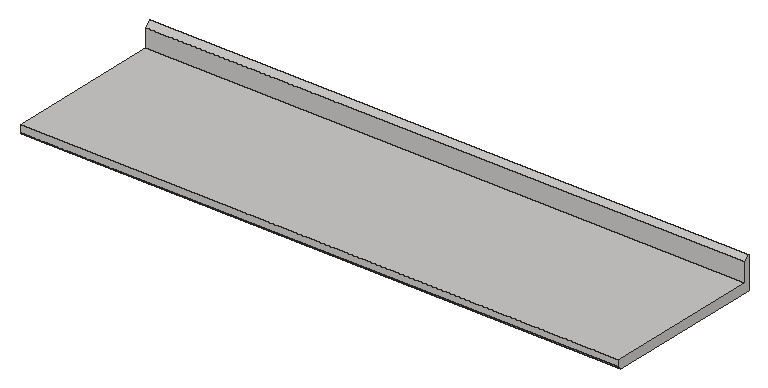
Revit family "QF_ELECTROLUXPROFESSIONAL_121164_TPLA26A", category Attrezzature speciali, Revit 2020
Family settings
  Quota connettore circolare = Usa diametro
  Tipo di parte = Normale
  Basato su piano di lavoro = No
  Sempre verticale = Sì
  Taglio con vuoti quando caricato = No
  Condiviso = No
  Punto di calcolo locali = No
Parameters (values of type "Standard")
  Weight = 83.00 kg
  Watts = 0 W
  Volts = 0 V
  URL Manufacturer = "https://www.electroluxprofessional.com/"
  URL = "https://www.electroluxprofessional.com/"
  Steam Supply Size = 0 mm
  Steam Supply Minimum Pressure = 0.0 Pa
  Steam Supply Maximum Pressure = 0.0 Pa
  Steam Consumption per Hour = 0
  Refrigeration Suction Line Size = 0.0 mm
  Refrigeration Liquid Line Size = 0.0 mm
  Refrigerant Compressor Remote = yes
  Prospetto di default = 0.0 mm
  Phase = 0
  Modello = "TPLA26A"
  Produttore = "Electrolux Professional"
  Length Actual = 2600.0 mm  # constant formula
  Item Number = "121164"
  Hot Water Size = 0 mm
  Height Actual = 140.0 mm  # constant formula
  HP = "0 HP"
  Gas Size = 0 mm
  Gas KW = 0
  Gas Input Pressure = 0 W
  Direct Waste Size = 0 mm
  Descrizione = "WORK TOP WITH UPSTAND 2600MM"
  Depth Actual = 700.0 mm  # constant formula
  Cycle = 0 Hz
  Condensate Return Size = 0 mm
  Compressed Air Volume = 0.0 L/s
  Compressed Air Size = 0 mm
  Compressed Air Pressure = 0.0 Pa
  Cold Water Size = 0 mm
  Accessory = yes
Reference planes
  plane 1 "Center (Front/Back)": y = 0
  plane 2: z = 0
  plane 3 "Center (Left/Right)": x = -800
  plane 4 "LEFT": x = -2100
  plane 5 "RIGHT": x = 500
  plane 6 "BACK": y = 350
  plane 7 "FRONT": y = -350
  plane 8 "TOP": z = 1000
  plane 9: z = 900
  plane 10: z = 860
Forms (mm)
  Extrusion 1, solid, material "QF_Finishes_Stainless Steel"
    sketch origin (-800, 0, 0) x (0, 1, 0) y (0, 0, 1)
      loop
        line (350, 1000) -> (330, 980) -> (330, 900) -> (-350, 900) -> (-350, 870) -> (-340, 860) -> (350, 860) -> (350, 1000)
    from 1300 to -1300
Lines and regions (mm)
  symbolic lines
    curve 1: line (500, 350, 1000) -> (-2100, 350, 1000)
    curve 2: line (-2100, 350, 1000) -> (-2100, -350, 1000)
    curve 3: line (-2100, -350, 1000) -> (500, -350, 1000)
    curve 4: line (500, -350, 1000) -> (500, 350, 1000)
    curve 5: line (-2100, 330, 1000) -> (500, 330, 1000)
Dimensions and locks
  plane 4 "LEFT" to plane 5 "RIGHT" = 2600.0 mm
  equal spacing: plane 4 "LEFT", plane 3 "Center (Left/Right)", plane 5 "RIGHT"
  plane 6 "BACK" to plane 7 "FRONT" = 700.0 mm
  equal spacing: plane 6 "BACK", plane 1 "Center (Front/Back)", plane 7 "FRONT"
  locked: plane 8 "TOP" to plane 9 at 100
  locked: plane 6 "BACK" to Extrusion 1 sketch curve at 20
  plane 10 to level = 860.0 mm
  plane 8 "TOP" to plane 10 = 140.0 mm
  aligned and locked: level to plane 2
  aligned and locked: Extrusion 1 to plane 4 "LEFT"
  aligned and locked: plane 5 "RIGHT" to Extrusion 1
  aligned and locked: curve 2 to plane 4 "LEFT"
  aligned and locked: Extrusion 1 sketch curve to plane 9
  aligned and locked: Extrusion 1 sketch curve to plane 6 "BACK"
  aligned and locked: plane 7 "FRONT" to Extrusion 1 sketch curve
  aligned and locked: plane 10 to Extrusion 1 sketch curve
Automatic sketch dimensions
  curve 3 to plane 7 "FRONT" = 0.0 mm
  curve 4 to plane 5 "RIGHT" = 0.0 mm
  curve 4 to plane 6 "BACK" = 0.0 mm
  curve 5 to plane 6 "BACK" = 20.0 mm
  Extrusion 1 sketch curve to plane 8 "TOP" = 0.0 mm
  Extrusion 1 sketch curve to plane 8 "TOP" = 20.0 mm
  plane 7 "FRONT" to Extrusion 1 sketch curve = 10.0 mm
  level to Extrusion 1 sketch curve = 870.0 mm
